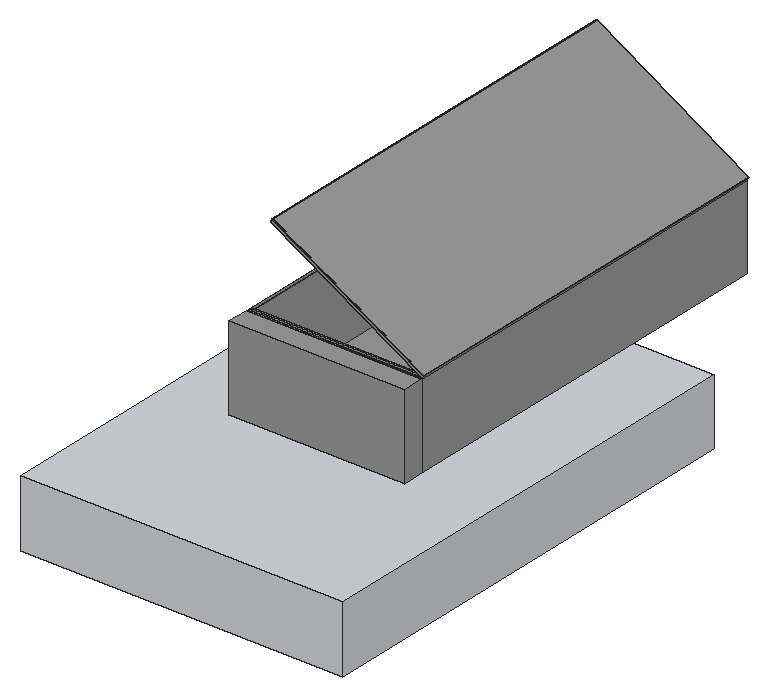
Revit family "Hager-Univers-IP55-D400-H1950-Cl.I-Steel_encl-PT-pt", category Equipement électrique, Revit 2020
Family settings
  Hôte = Face
  Configuration du panneau = Deux colonnes, circuits au sein
  Cote de connecteur circulaire = Utiliser le diamètre
  Type d'élément = Tableau de raccordement
  Couper avec des vides une fois chargée = Non
  Partagée = Non
  Point de calcul de pièce = Non
Parameters (values of type "Instalação de piso IP55 L800 A1950 P400  - FR23G1")
  Width Control [instance] = if([EF000008 - Largura] > Min Width, [EF000008 - Largura], Min Width)  # 800 mm
  Commentaires du type = [HG000003 - Gama]  # "Univers"
  Thickness Door [instance] = if([EF009171 - Espessura do material da porta/tampa] > 3 mm, 3 mm, [EF009171 - Espessura do material da porta/tampa])  # 1.5 mm
  Seal Frame Offset [instance] = 17 mm  # constant formula
  Plinth Visibility [instance] = [HG000027 - Altura da Plinta] > 0 mm  # yes
  Model = ""
  Min Width [instance] = 100 mm  # constant formula
  Min Height [instance] = 100 mm  # constant formula
  Min Depth [instance] = (2 * [EF009170 - Espessura do material do invólucro]) + 1 mm  # 4 mm
  Internal Frame Depth [instance] = (Door System Depth * 0.5)  # 9 mm
  Height Control [instance] = if([EF000040 - Altura] > Min Height, [EF000040 - Altura], Min Height)  # 1950 mm
  HG000027 - Altura da Plinta = 100 mm
  HG000026 - Instalação no chão = yes
  HG000024 - Altura da secção inferior = 800 mm
  HG000023 - Recinto de secção dupla = no
  HG000016 - Visibilidade da porta 3D [instance] = yes
  HG000015 - Visibilidade através da porta [instance] = no
  HG000014 - Porta à direita [instance] = yes
  HG000013 - Porta à esquerda [instance] = not([HG000014 - Porta à direita])  # no
  HG000012 - Ângulo de abertura de porta [instance] = 30.00°
  HG000010 - Portas assimétricas = no
  HG000009 - Porta dupla = no
  HG000006 - Encastrado = no
  HG000004 - Referência do Fabricante = "FR23G1"
  HG000003 - Gama = "Univers"
  HG000002 - Com porta ou tampa = yes
  Frame Offset Bottom [instance] = 10 mm  # constant formula
  Frame Offset [instance] = 15 mm  # constant formula
  EF015940 - Tampa com libertação de sobrepressão = no
  EF011959 - Grau de proteção (NEMA) = ""
  EF009554 - Número de aberturas para placas de flange = 6
  Fabricant = "Hager"  # constant formula
  EF009212 - Tipo de tampa = "EV000116 - Fechado"
  EF009171 - Espessura do material da porta/tampa = 1.5 mm
  EF009170 - Espessura do material do invólucro = 1.5 mm
  EF008873 - Corrente nominal (In) = 800 A
  EF007800 - Adequado para proteção contra raios = no
  EF006306 - Com fecho = no
  EF006244 - Tampa/porta transparente = no
  EF005474 - Grau de proteção (IP) = "EV006420 - IP55"
  EF004464 - Tipo de porta = "EV002646 - Único"
  EF004427 - Número de módulos = 432
  EF004293 - Força de impacto = "EV008784 - IK10"
  EF003532 - Adequado para uso no exterior = no
  EF002950 - Largura em número de módulos = 24
  EF001613 - Integridade do circuito = "EV000494 - Nenhum"
  EF001596 - Material do corpo = "EV000179 - Aço"
  EF001131 - Profundidade interior = 400 mm
  EF001088 - Extensão possível = yes
  EF000437 - Número de entradas de condutores = 6
  EF000339 - Tipo de difusor = "EV004216 - Porta"
  EF000266 - Número de linhas = 12
  EF000218 - Profundidade incorporada = 0 mm
  EF000118 - Com tampa de montagem = no
  EF000116 - Número RAL = "7035"
  EF000049 - Profundidade = 400 mm
  EF000040 - Altura = 1950 mm
  EF000008 - Largura = 800 mm
  EF000007 - Cor = "EV000270 - Cinzento"
  EF000003 - Método de montagem = "EV012274 - Instalação de piso"
  Door System Leaf Tolerance [instance] = 1.5 mm  # constant formula
  Door System Depth [instance] = 18 mm  # constant formula
  Door Height [instance] = Height Control - [HG000027 - Altura da Plinta]  # 1850 mm
  Depth Control [instance] = if([EF000049 - Profundidade] > Min Depth, [EF000049 - Profundidade], Min Depth)  # 400 mm
  Default Elevation = 0 mm
  Connector Offset [instance] = Height Control / 2  # 975 mm
  Bottom Top Plate Trim [instance] = 1.5 mm  # constant formula
  Plinth height Ctrl [instance] = if([HG000027 - Altura da Plinta] > 0 mm, [HG000027 - Altura da Plinta], 12 mm)  # 100 mm
Types (4, lengths in mm): name | Width Control | HG000010 - Portas assimétricas | HG000009 - Porta dupla | HG000004 - Referência do Fabricante | EF009554 - Número de aberturas para placas de flange | EF004464 - Tipo de porta | EF004427 - Número de módulos | EF000437 - Número de entradas de condutores | EF000008 - Largura
  Instalação de piso IP55 L1050 A1950 P400  - FR24G1 | 1050 | yes | yes | "FR24G1" | 8 | "EV003602 - Duplo" | 576 | 8 | 1050
  Instalação de piso IP55 L1300 A1950 P400  - FR25G1 | 1300 | yes | yes | "FR25G1" | 10 | "EV003602 - Duplo" | 720 | 10 | 1300
  Instalação de piso IP55 L1550 A1950 P400  - FR26G1 | 1550 | yes | yes | "FR26G1" | 12 | "EV003602 - Duplo" | 864 | 12 | 1550
  Instalação de piso IP55 L800 A1950 P400  - FR23G1 | 800 | no | no | "FR23G1" | 6 | "EV002646 - Único" | 432 | 6 | 800
Reference planes
  plane 1 "Center (Front/Back)": y = 0
  plane 2: z = 0
  plane 3 "Center (Left/Right)": x = 0
  plane 4: z = 400
  plane 5: y = 101.5
  plane 6: y = 1025
  plane 7: y = 100
  plane 8: y = 1950
  plane 9: z = 0
  plane 10: x = -385
  plane 11: x = 385
  plane 12: x = 383.5
  plane 13: x = -383.5
  plane 14: y = 1948.5
  plane 15: x = -383
  plane 16: x = -400
  plane 17: x = 383
  plane 18: x = 400
  plane 19: x = 398.5
  plane 20: x = -398.5
  plane 21: y = 111.5
  plane 22: y = 1950
  plane 23: y = 1933.5
  plane 24: z = 382
  plane 25: z = 1.5
  plane 26: z = 380.5
  plane 27: z = 398.5
Forms (mm)
  Extrusion 1, solid
    sketch origin (0, 0, 0) x (1, 0, 0) y (0, 1, 0)
      loop
        line (-702.964, 1305) -> (-702.964, -811.445) -> (766.763, -811.445) -> (766.763, 1305) -> (-702.964, 1305)
    from 0 to -304.8
  Extrusion 2, solid, material "Hager_Steel_RAL7035_Light_Grey", visible <- "Plinth Visibility", detail levels medium+fine
    sketch origin (0, 0, 0) x (1, 0, 0) y (0, 1, 0)
      loop
        line (-400, 0) -> (400, 0) -> (400, 100) -> (-400, 100) -> (-400, 0)
    from 0 to 382
  Extrusion 3, solid, material "Hager_Steel_RAL7035_Light_Grey", detail levels medium+fine
    sketch origin (0, 0, 0) x (1, 0, 0) y (0, 1, 0)
      loop
        line (-400, 100) -> (400, 100) -> (400, 1950) -> (-400, 1950) -> (-400, 100)
    from 0 to 382
  Extrusion 4, void
    sketch origin (0, 0, 0) x (1, 0, 0) y (0, 1, 0)
      loop
        line (-398.5, 101.5) -> (398.5, 101.5) -> (398.5, 1948.5) -> (-398.5, 1948.5) -> (-398.5, 101.5)
    from 1.5 to 380.5
  Extrusion 5, void
    sketch origin (-381.607, -4572, 382) x (0, -1, 0) y (-1, 0, 0)
      loop
        line (-4683.5, 1.893) -> (-6505.5, 1.893) -> (-6505.5, -765.107) -> (-4683.5, -765.107) -> (-4683.5, 1.893)
    from 0 to 1.5 <- "EF009170 - Espessura do material do invólucro"
  Extrusion 6, solid, material "Hager_Steel_RAL7035_Light_Grey", detail levels fine
    sketch origin (0, 0, 382) x (1, 0, 0) y (0, 1, 0)
      loop
        line (-383.5, 1933.5) -> (-383.5, 111.5) -> (383.5, 111.5) -> (383.5, 1933.5) -> (-383.5, 1933.5)
      loop
        line (-385, 110) -> (385, 110) -> (385, 1935) -> (-385, 1935) -> (-385, 110)
    from 0 to 9 <- "Internal Frame Depth"
  Extrusion 7, solid, material "Hager_Steel_RAL7035_Light_Grey", detail levels coarse
    sketch origin (0, 0, 0) x (1, 0, 0) y (0, 1, 0)
      loop
        line (-400, 0) -> (400, 0) -> (400, 1950) -> (-400, 1950) -> (-400, 0)
    from 0 to 400
  Sweep 8, void
    path in 3D
      loop
        line (-400, 100, 0) -> (400, 100, 0) -> (400, 100, 382) -> (-400, 100, 382) -> (-400, 100, 0)
    profile origin (-400, 100, 191) x (-1, 0, 0) y (0, -1, 0)
      loop
        line (0, 0) -> (0, 1.5) -> (-1.5, 1.5)
        arc (-1.5, 1.5) -> (-1.061, 0.439) -> (0, 0) r 1.5
Cuts and joins
  Extrusion 4, Extrusion 5 cuts Extrusion 3
  Sweep 8 cuts Extrusion 2
Lines and regions (mm)
  Masking region 1
    outline origin (0, 0, 0) x (1, 0, 0) y (0, 0, 1)
      loop
        line (-400, 400) -> (-400, 0) -> (400, 0) -> (400, 400) -> (-400, 400)
  Masking region 2, detail levels medium+fine
    outline origin (0, 140, 0) x (0, 1, 0) y (0, 0, 1)
      loop
        line (-40, 0) -> (1810, 0) -> (1810, 382) -> (-40, 382) -> (-40, 0)
  Masking region 3, not visible, detail levels medium+fine
    outline origin (0, 297.922, 0) x (0, 1, 0) y (0, 0, 1)
      loop
        line (738.578, 0) -> (778.578, 0) -> (778.578, 388.5)
        arc (778.578, 388.5) -> (775.649, 395.571) -> (768.578, 398.5) r 10
        line (768.578, 398.5) -> (738.578, 398.5) -> (738.578, 0)
  Masking region 4, detail levels coarse
    outline origin (0, 0, 180) x (0, 1, 0) y (0, 0, 1)
      loop
        line (0, -180) -> (1950, -180) -> (1950, 220) -> (0, 220) -> (0, -180)
  Masking region 5, visible <- "Plinth Visibility", detail levels medium+fine
    outline origin (0, 52.24, 12.345) x (0, 0, -1) y (0, 1, 0)
      loop
        line (10.845, 47.76) -> (-368.155, 47.76)
        arc (-368.155, 47.76) -> (-368.594, 46.699) -> (-369.655, 46.26) r 1.5
        line (-369.655, 46.26) -> (-369.655, -52.24) -> (12.345, -52.24) -> (12.345, 46.26)
        arc (12.345, 46.26) -> (11.285, 46.699) -> (10.845, 47.76) r 1.5
  Masking region 6, detail levels medium+fine
    outline origin (-381.607, -4572, 382) x (-1, 0, 0) y (0, -1, 0)
      loop
        line (18.393, -6522) -> (18.393, -4672) -> (-781.607, -4672) -> (-781.607, -6522) -> (18.393, -6522)
  Masking region 7, visible <- "Plinth Visibility", detail levels medium+fine
    outline origin (-381.607, -4727, 382) x (-1, 0, 0) y (0, -1, 0)
      loop
        arc (16.893, -4827) -> (17.332, -4825.939) -> (18.393, -4825.5) r 1.5
        line (18.393, -4825.5) -> (18.393, -4727) -> (-781.607, -4727) -> (-781.607, -4825.5)
        arc (-781.607, -4825.5) -> (-780.546, -4825.939) -> (-780.107, -4827) r 1.5
        line (-780.107, -4827) -> (16.893, -4827)
  Masking region 8, detail levels coarse
    outline origin (-442.548, -4669.526, 382) x (-1, 0, 0) y (0, -1, 0)
      loop
        line (-42.548, -6619.526) -> (-42.548, -4669.526) -> (-842.548, -4669.526) -> (-842.548, -6619.526) -> (-42.548, -6619.526)
  sketch lines
    curve 1: line (-400, 100, 382) -> (-400, 100, 0)
    curve 2: line (400, 100, 382) -> (-400, 100, 382)
    curve 3: line (400, 100, 382) -> (400, 100, 0)
    curve 4: line (-400, 100, 0) -> (400, 100, 0)
Dimensions and locks
  "Depth Control": plane 4 to Extrusion 1
  "HG000027 - Altura da Plinta": plane 1 "Center (Front/Back)" to plane 7
  "EF009170 - Espessura do material do invólucro": plane 5 to plane 7
  locked: connector elem to plane 3 "Center (Left/Right)"
  equal spacing: plane 8, plane 6, plane 7
  locked: connector elem to plane 6
  "EF009170 - Espessura do material do invólucro": plane 8 to plane 14
  "EF009170 - Espessura do material do invólucro": plane 10 to plane 13
  "EF009170 - Espessura do material do invólucro": plane 12 to plane 11
  "Frame Offset": plane 20 to plane 13
  "Frame Offset": plane 12 to plane 19
  "EF009170 - Espessura do material do invólucro": plane 16 to plane 20
  "EF009170 - Espessura do material do invólucro": plane 19 to plane 18
  "Seal Frame Offset": plane 16 to plane 15
  "Seal Frame Offset": plane 17 to plane 18
  "Frame Offset Bottom": plane 21 to plane 5
  "Frame Offset": plane 14 to plane 23
  equal spacing: plane 16, plane 3 "Center (Left/Right)", plane 18
  "Width Control": plane 16 to plane 18
  "EF009170 - Espessura do material do invólucro": plane 4 to plane 27
  "EF009170 - Espessura do material do invólucro": plane 24 to plane 26
  "EF009170 - Espessura do material do invólucro": plane 25 to level
  "Door System Depth": plane 4 to plane 24
  "Height Control": plane 1 "Center (Front/Back)" to Extrusion 7 sketch curve
  "Height Control": Masking region 4 sketch curve to plane 1 "Center (Front/Back)"
  "Height Control": plane 1 "Center (Front/Back)" to plane 22
  "Bottom Top Plate Trim": profile plane to Sweep 8 sketch curve
  "Bottom Top Plate Trim": Sweep 8 sketch curve to profile plane
  "Plinth height Ctrl": plane 1 "Center (Front/Back)" to Extrusion 2 sketch curve
  "Plinth height Ctrl": Masking region 5 sketch curve to plane 1 "Center (Front/Back)"
  "Plinth height Ctrl": plane 1 "Center (Front/Back)" to Masking region 7 sketch curve
  "Thickness Door": Extrusion 6 sketch curve to Extrusion 6 sketch curve  (x3)
  "Thickness Door": cut or joined group of Extrusion 3, Extrusion 4, Extrusion 5 to Extrusion 6 sketch curve
  radius of Masking region 3 sketch curve = 10 mm
  "Bottom Top Plate Trim": radius of Masking region 5 sketch curve  (x2)
  "Bottom Top Plate Trim": radius of Sweep 8 sketch curve
  "Bottom Top Plate Trim": radius of Masking region 7 sketch curve  (x2)
  aligned and locked: plane 2 to Extrusion 1
  aligned and locked: level to Extrusion 1
  aligned and locked: level to Masking region 1 sketch curve
  aligned and locked: Masking region 1 sketch curve to plane 18
  aligned and locked: Masking region 1 sketch curve to plane 16
  aligned and locked: plane 7 to Masking region 2 sketch curve
  aligned and locked: level to Masking region 3 sketch curve
  aligned and locked: Masking region 3 sketch curve to plane 27
  aligned and locked: level to Masking region 2 sketch curve
  aligned and locked: plane 1 "Center (Front/Back)" to Extrusion 2 sketch curve
  aligned and locked: Extrusion 3 sketch curve to plane 7
  aligned and locked: plane 16 to Extrusion 3 sketch curve
  aligned and locked: plane 18 to Extrusion 3 sketch curve
  aligned and locked: plane 20 to Extrusion 4 sketch curve
  aligned and locked: plane 19 to Extrusion 4 sketch curve
  aligned and locked: Extrusion 4 sketch curve to plane 5
  aligned and locked: Extrusion 4 to plane 25
  aligned and locked: plane 26 to Extrusion 4
  aligned and locked: plane 24 to Extrusion 3
  aligned and locked: Extrusion 5 sketch curve to plane 21
  aligned and locked: Extrusion 5 sketch curve to plane 13
  aligned and locked: Extrusion 5 sketch curve to plane 12
  aligned and locked: plane 18 to Extrusion 7 sketch curve
  aligned and locked: plane 1 "Center (Front/Back)" to Extrusion 7 sketch curve
  aligned and locked: plane 16 to Extrusion 7 sketch curve
  aligned and locked: plane 4 to Extrusion 7
  aligned and locked: Extrusion 7 to level
  aligned and locked: level to Masking region 4 sketch curve
  aligned and locked: Masking region 4 sketch curve to plane 1 "Center (Front/Back)"
  aligned and locked: Masking region 4 sketch curve to plane 4
  aligned and locked: nested 1 to level
  aligned and locked: nested 1 to plane 16
  aligned and locked: plane 8 to Extrusion 3 sketch curve
  aligned and locked: plane 23 to Extrusion 5 sketch curve
  aligned and locked: plane 14 to Extrusion 4 sketch curve
  aligned and locked: Masking region 2 sketch curve to plane 8
  aligned and locked: level to Masking region 5 sketch curve
  aligned and locked: plane 16 to Extrusion 2 sketch curve
  aligned and locked: plane 18 to Extrusion 2 sketch curve
  aligned and locked: Masking region 5 sketch curve to plane 24
  aligned and locked: Masking region 2 sketch curve to plane 24
  aligned and locked: plane 24 to Extrusion 2
  aligned and locked: profile plane to Sweep 8 sketch curve  (x2)
  aligned and locked: Masking region 6 sketch curve to plane 18
  aligned and locked: Masking region 6 sketch curve to plane 22
  aligned and locked: Masking region 6 sketch curve to plane 16
  aligned and locked: plane 8 to plane 22
  aligned and locked: Masking region 6 sketch curve to plane 7
  aligned and locked: Masking region 7 sketch curve to plane 16
  aligned and locked: Masking region 7 sketch curve to plane 1 "Center (Front/Back)"
  aligned and locked: Masking region 7 sketch curve to plane 18
  aligned and locked: Masking region 8 sketch curve to plane 1 "Center (Front/Back)"
  aligned and locked: Masking region 8 sketch curve to plane 18
  aligned and locked: Masking region 8 sketch curve to plane 22
  aligned and locked: Masking region 8 sketch curve to plane 16
  aligned and locked: nested 2 to plane 7
  aligned and locked: plane 3 "Center (Left/Right)" to nested 2
  aligned and locked: nested 2 to plane 24
  aligned and locked: Extrusion 6 sketch curve to cut or joined group of Extrusion 3, Extrusion 4, Extrusion 5  (x4)
Automatic sketch dimensions
  Extrusion 1 sketch curve to Extrusion 1 sketch curve = 1469.727 mm
  Extrusion 1 sketch curve to Extrusion 1 sketch curve = 2116.445 mm
  Masking region 1 sketch curve to plane 4 = 0 mm
  plane 6 to Masking region 3 sketch curve = 11.5 mm
  Masking region 3 sketch curve to Masking region 3 sketch curve = 30 mm
  Masking region 5 sketch curve to plane 1 "Center (Front/Back)" = 0 mm
Nested families
  nested 1: "Hager_Enclosure_Symbol" at (-400, 0, 0) x (1, 0, 0) z (0, -1, 0), Height <- "Depth Control", Width <- "Width Control", type "Hager_Enclosure_Symbol"
    with Width_Ctrl 800 mm, Width 800 mm, Height_Ctrl 400 mm, Height 400 mm, A_Width_Int 26.25 mm, A_Width 315 mm, A_Height_Ctrl 350 mm, A_Height 350 mm
  nested 2: "EC000058_Univers_Door" at (0, 100, 382) x (1, 0, 0) z (0, 1, 0), Leaf_Tolerance <- "Door System Leaf Tolerance", Angle <- "HG000012 - Ângulo de abertura de porta", Door_Depth <- "Door System Depth", Door_Left <- "HG000013 - Porta à esquerda", Transparent <- "EF006244 - Tampa/porta transparente", Assymetrical <- "HG000010 - Portas assimétricas", Width <- "Width Control", Clearance <- "HG000015 - Visibilidade através da porta", Double <- "HG000009 - Porta dupla", 3d_Door <- "HG000016 - Visibilidade da porta 3D", Lock_Visibility <- "EF006306 - Com fecho", Width_Ctrl <- "Width Control", Door_Right <- "HG000014 - Porta à direita", Door <- "HG000002 - Com porta ou tampa", Height <- "Door Height", Thickness <- "Thickness Door", type "EC000058_Univers_Door", detail levels medium+fine
    with min_wh 4 mm, Width_Ctrl 800 mm, Width 800 mm, Transparent no, Thickness 1.5 mm, Seal_Material Hager_Rubber, Lock_Visibility no, Lock_Material Hager_Plastic_RAL9005_Jet_Black, Leaf_Width 800 mm, Leaf_Tolerance_External_Sides 0 mm, Leaf_Tolerance 1.5 mm, Leaf_Offset 0 mm, Leaf_Height 1847 mm, Leaf_2_Width 800 mm, Leaf_2_Offset 400 mm, Leaf_1_Width 800 mm, Leaf_1_Offset 400 mm, Height_Ctrl 1850 mm, Height 1850 mm, Glass_Material Hager_Glass, Double_Clearance_Ctrl no, Double no, Door_Right_Ctrl yes, Door_Right yes, Door_Material Hager_Steel_RAL7035_Light_Grey, Door_Left_Ctrl no, Door_Left no, Door_Depth 18 mm, Door yes, Clearance_Material Hager_Clearance, Clearance_Depth 800 mm, Clearance_Ctrl no, Clearance no, Assymetrical no, Angle 30.00°, 3d_Door yes
Connectors
  electrical at (0, 1025, 0)
    settings: on plane 9, index 1, voltage 0 V, apparent load 0 VA, apparent load phase1 0 VA, apparent load phase2 0 VA, apparent load phase3 0 VA, power factor 1, load classification "Other", number of poles 1, system type 30, power factor state 1, is connector primary yes, connector utility no, sub classification motor no, connector description ""
Definition of nested family "EC000058_Univers_Door"
  Parameters (values of type "EC000058_Univers_Door")
    min_wh [instance] = (2 * Thickness) + 1 mm  # 11 mm
    Width_Ctrl [instance] = 400 mm
    Width [instance] = 500 mm
    Transparent [instance] = yes
    Thickness [instance] = 5 mm
    Seal_Material [instance] = none
    Lock_Visibility [instance] = yes
    Lock_Material [instance] = none
    Leaf_Width [instance] = if((Width_Ctrl - 2 * Leaf_Tolerance_External_Sides) > 0 mm, (Width_Ctrl - 2 * Leaf_Tolerance_External_Sides), min_wh)  # 400 mm
    Leaf_Tolerance_External_Sides [instance] = 0 mm  # constant formula
    Leaf_Tolerance [instance] = 1.5 mm
    Leaf_Offset [instance] = 0 mm  # constant formula
    Leaf_Height [instance] = if((Height_Ctrl - 2 * Leaf_Tolerance) > 0 mm, (Height_Ctrl - 2 * Leaf_Tolerance), min_wh)  # 497 mm
    Leaf_2_Width [instance] = if(and(and(Double, Assymetrical), Door_Left), (Leaf_Width / 3) - (Leaf_Tolerance / 2), if(and(and(Double, Assymetrical), Door_Right), (Leaf_Width / 3) * 2 - (Leaf_Tolerance / 2), if(and(Double, not(Assymetrical)), (Leaf_Width / 2) - Leaf_Tolerance, Leaf_Width)))  # 400 mm
    Leaf_2_Offset [instance] = if(and(Double, Assymetrical), Leaf_2_Width / 2, if(and(Double, not(Assymetrical)), Leaf_Width / 4, Leaf_Width / 2))  # 200 mm
    Leaf_1_Width [instance] = if(and(and(Double, Assymetrical), Door_Right), (Leaf_Width / 3) - (Leaf_Tolerance / 2), if(and(and(Double, Assymetrical), Door_Left), (Width / 3) * 2 - (Leaf_Tolerance / 2), if(and(Double, not(Assymetrical)), (Leaf_Width / 2) - Leaf_Tolerance, Leaf_Width)))  # 400 mm
    Leaf_1_Offset [instance] = if(and(Double, Assymetrical), Leaf_1_Width / 2, if(and(Double, not(Assymetrical)), Leaf_Width / 4, Leaf_Width / 2))  # 200 mm
    Height_Ctrl [instance] = if(Height > min_wh, Height, min_wh)  # 500 mm
    Height [instance] = 500 mm
    Glass_Material [instance] = none
    Double_Clearance_Ctrl [instance] = and(Double, Clearance)  # no
    Double [instance] = no
    Door_Right_Ctrl [instance] = and(or(Door_Right, Double), Door)  # yes
    Door_Right [instance] = yes
    Door_Material [instance] = none
    Door_Left_Ctrl [instance] = and(or(Door_Left, Double), Door)  # no
    Door_Left [instance] = no
    Door_Depth [instance] = 30 mm
    Door [instance] = yes
    Default Elevation = 1219.2 mm
    Clearance_Material [instance] = none
    Clearance_Depth [instance] = if(Leaf_1_Width > Leaf_2_Width, Leaf_1_Width, Leaf_2_Width)  # 400 mm
    Clearance_Ctrl [instance] = and(not(Double), Clearance)  # yes
    Clearance [instance] = yes
    Assymetrical [instance] = yes
    Angle [instance] = 30.00°
    3d_Door [instance] = yes
  Reference planes
    plane 1 "Center (Front/Back)": y = 0
    plane 2 "Bottom": z = 0
    plane 3 "Center (Left/Right)": x = 0
    plane 4: z = 500
    plane 5: x = -200
    plane 6: x = 200
    plane 7: z = 500
    plane 8: x = -200
    plane 9: z = 0
    plane 10: x = 200
    plane 11: y = 0
    plane 12: z = 1.5
    plane 13: x = -600
    plane 14: y = -400
    plane 15: x = 600
    plane 16: x = 0
    plane 17: x = 0
    plane 18: x = -200
    plane 19: x = 200
    plane 20: z = 498.5
  Forms (mm)
    Extrusion 1, solid, material <- "Clearance_Material", visible <- "Double_Clearance_Ctrl"
      sketch origin (1200, 0, 0) x (1, 0, 0) y (0, 0, -1)
        loop
          line (-1800, -498.5) -> (-600, -498.5) -> (-600, 0) -> (-1800, 0) -> (-1800, -498.5)
      from 0 to -400
  Dimensions and locks
    equal spacing: plane 5, plane 3 "Center (Left/Right)", plane 6
    "Width_Ctrl": plane 5 to plane 6
    "Leaf_Offset": plane 5 to plane 8
    "Leaf_Offset": plane 6 to plane 10
    "Leaf_Offset": plane 9 to level
    "Leaf_Offset": plane 4 to plane 7
    "Height_Ctrl": plane 4 to level
    "Leaf_Tolerance": plane 12 to plane 9
    locked: plane 11 to plane 1 "Center (Front/Back)"
    "Leaf_1_Offset": plane 18 to plane 16
    "Leaf_2_Offset": plane 17 to plane 19
    "Leaf_1_Width": plane 13 to plane 8
    "Leaf_2_Width": plane 10 to plane 15
    "Clearance_Depth": plane 14 to plane 1 "Center (Front/Back)"
    "Leaf_Tolerance_External_Sides": plane 8 to plane 18
    "Leaf_Tolerance_External_Sides": plane 19 to plane 10
    "Leaf_Tolerance": plane 7 to plane 20
    aligned and locked: level to plane 2 "Bottom"
    aligned and locked: nested 1 to plane 16
    aligned and locked: nested 2 to plane 17
    aligned and locked: Extrusion 1 to plane 13
    aligned and locked: plane 15 to Extrusion 1
    aligned and locked: Extrusion 1 to plane 14
    aligned and locked: plane 12 to nested 1
    aligned and locked: nested 2 to plane 12
    aligned and locked: Extrusion 1 to plane 11
    aligned and locked: plane 20 to Extrusion 1
    aligned and locked: nested 2 to plane 11
    aligned and locked: nested 1 to plane 11
  Automatic sketch dimensions
    Extrusion 1 sketch curve to level = 0 mm
    plane 5 to Extrusion 1 sketch curve = 400 mm
    plane 6 to Extrusion 1 sketch curve = 400 mm
    Extrusion 1 sketch curve to plane 4 = 1.5 mm
  Nested families
    nested 1: "EC000058_Univers_Door_Leaf" at (0, 0, 1.5), Width <- "Leaf_1_Width", visible <- "Door_Left_Ctrl", Leaf_Height <- "Leaf_Height", Angle <- "Angle", 3d_Door <- "3d_Door", Transparent <- "Transparent", Clearance Material <- "Clearance_Material", Clearance <- "Clearance_Ctrl", Door_Material <- "Door_Material", Glass_Material <- "Glass_Material", Door_Depth <- "Door_Depth", Lock_Material <- "Lock_Material", Seal_Material <- "Seal_Material", Lock_Visibility <- "Lock_Visibility", Thickness <- "Thickness", type "EC000058_Univers_Door_Leaf"
      with Width 400 mm, Transparent_Glass_Offset 30 mm, Transparent_Ctrl yes, Transparent yes, Thickness 5 mm, Standard no, Seal_Material none, Seal_D2 8 mm, Seal_D1 1 mm, Offset_Internal_Frame 10 mm, Lock_Width 20 mm, Lock_Visibility_3d yes, Lock_Visibility yes, Lock_Thickness_3 3 mm, Lock_Thickness_2 1 mm, Lock_Thickness_1 3 mm, Lock_Radius_Offset_2 16 mm, Lock_Radius_Offset_1 15 mm, Lock_Radius_2 5 mm, Lock_Radius 6 mm, Lock_Offset 5 mm, Lock_Material none, Lock_Height 80 mm, Lock_Cover_Top_Offset_2d 17 mm, Lock_Cover_Height -65 mm, Leaf_Height 497 mm, Internal_Seal_Thickness 8 mm, Internal_Seal_Depth_2 4.5 mm, Internal_Frame_Depth 25 mm, Glass_Thickness -1 mm, Glass_Offset -2 mm, Glass_Material none, Door_Material none, Door_Depth 30 mm, Clearance Material none, Clearance yes, Angle_Ctrl 30.00°, Angle 30.00°, 3d_Door yes
    nested 2: "EC000058_Univers_Door_Leaf" at (0, 0, 1.5) x (-1, 0, 0) z (0, 0, 1), Width <- "Leaf_2_Width", visible <- "Door_Right_Ctrl", Leaf_Height <- "Leaf_Height", Angle <- "Angle", 3d_Door <- "3d_Door", Transparent <- "Transparent", Clearance Material <- "Clearance_Material", Clearance <- "Clearance_Ctrl", Door_Material <- "Door_Material", Glass_Material <- "Glass_Material", Door_Depth <- "Door_Depth", Lock_Material <- "Lock_Material", Seal_Material <- "Seal_Material", Lock_Visibility <- "Lock_Visibility", Thickness <- "Thickness", type "EC000058_Univers_Door_Leaf"
      with Width 400 mm, Transparent_Glass_Offset 30 mm, Transparent_Ctrl yes, Transparent yes, Thickness 5 mm, Standard no, Seal_Material none, Seal_D2 8 mm, Seal_D1 1 mm, Offset_Internal_Frame 10 mm, Lock_Width 20 mm, Lock_Visibility_3d yes, Lock_Visibility yes, Lock_Thickness_3 3 mm, Lock_Thickness_2 1 mm, Lock_Thickness_1 3 mm, Lock_Radius_Offset_2 16 mm, Lock_Radius_Offset_1 15 mm, Lock_Radius_2 5 mm, Lock_Radius 6 mm, Lock_Offset 5 mm, Lock_Material none, Lock_Height 80 mm, Lock_Cover_Top_Offset_2d 17 mm, Lock_Cover_Height -65 mm, Leaf_Height 497 mm, Internal_Seal_Thickness 8 mm, Internal_Seal_Depth_2 4.5 mm, Internal_Frame_Depth 25 mm, Glass_Thickness -1 mm, Glass_Offset -2 mm, Glass_Material none, Door_Material none, Door_Depth 30 mm, Clearance Material none, Clearance yes, Angle_Ctrl 30.00°, Angle 30.00°, 3d_Door yes
  Definition of nested family "EC000058_Univers_Door_Leaf"
    Parameters (values of type "EC000058_Univers_Door_Leaf")
      Width [instance] = 2000 mm
      Transparent_Glass_Offset [instance] = 30 mm
      Transparent_Ctrl [instance] = and(Transparent, [3d_Door])  # yes
      Transparent [instance] = yes
      Thickness [instance] = 5 mm
      Standard [instance] = and(not(Transparent), [3d_Door])  # no
      Seal_Material [instance] = none
      Seal_D2 [instance] = 8 mm  # constant formula
      Seal_D1 [instance] = 1 mm  # constant formula
      Offset_Internal_Frame [instance] = 10 mm  # constant formula
      Lock_Width [instance] = 20 mm  # constant formula
      Lock_Visibility_3d [instance] = and(Lock_Visibility, [3d_Door])  # yes
      Lock_Visibility [instance] = yes
      Lock_Thickness_3 [instance] = 3 mm  # constant formula
      Lock_Thickness_2 [instance] = 1 mm  # constant formula
      Lock_Thickness_1 [instance] = 3 mm  # constant formula
      Lock_Radius_Offset_2 [instance] = Lock_Radius_Offset_1 + 1 mm  # 16 mm
      Lock_Radius_Offset_1 [instance] = 15 mm  # constant formula
      Lock_Radius_2 [instance] = Lock_Radius - 1 mm  # 5 mm
      Lock_Radius [instance] = 6 mm  # constant formula
      Lock_Offset [instance] = 5 mm  # constant formula
      Lock_Material [instance] = none
      Lock_Height [instance] = 80 mm  # constant formula
      Lock_Cover_Top_Offset_2d [instance] = Lock_Radius_Offset_2 + 1 mm  # 17 mm
      Lock_Cover_Height [instance] = -(Lock_Height - Lock_Radius_Offset_1)  # -65 mm
      Leaf_Height [instance] = 2720.336 mm
      Internal_Seal_Thickness [instance] = 8 mm  # constant formula
      Internal_Seal_Depth_2 [instance] = 4.5 mm  # constant formula
      Internal_Frame_Depth [instance] = if(Door_Depth - Thickness > 5 mm, Door_Depth - Thickness, 5 mm)  # 25 mm
      Glass_Thickness [instance] = if(Thickness > 15 mm, Glass_Offset + 10 mm, -1 mm)  # -1 mm
      Glass_Offset [instance] = if(Thickness > 15 mm, -(Thickness + 10 mm) / 2, -2 mm)  # -2 mm
      Glass_Material [instance] = none
      Door_Material [instance] = none
      Door_Depth [instance] = 30 mm
      Default Elevation = 0 mm
      Clearance Material [instance] = none
      Clearance [instance] = yes
      Angle_Ctrl [instance] = if(Angle > 180.00°, 180.00°, Angle)  # 90.00°
      Angle [instance] = 90.00°
      3d_Door [instance] = yes
    Reference planes
      plane 1 "Center (Front/Back)": y = 0
      plane 2: z = 0
      plane 3 "Center (Left/Right)": x = 0
      plane 4: y = 2000
      plane 5: x = -1000
      plane 6: x = 1000
      plane 7: x = -3000
      plane 8: z = 2720.336
      plane 9: z = 30
      plane 10: z = 2690.336
      plane 11: x = 970
      plane 12: x = -970
      plane 13: y = -3
      plane 14: z = 107.833
      plane 15: y = -5
      plane 16: y = -223.314
      plane 17: x = -1000
      plane 18: z = 1360.168
      plane 19: y = 30
    Forms (mm)
      Extrusion 1, solid, material <- "Clearance Material", visible <- "Clearance"
        sketch origin (0, 0, 0) x (1, 0, 0) y (0, 0, 1)
          loop
            line (-3000, 2720.336) -> (-3000, 0) -> (1000, 0) -> (1000, 2720.336) -> (-3000, 2720.336)
        from 0 to -2000
      Extrusion 2, solid, material <- "Door_Material", visible <- "Standard", detail levels medium+fine
        sketch origin (-1000, 0, 0) x (0, 1, 0) y (-1, 0, 0)
          loop
            line (0, 30) -> (0, 25) -> (2000, 25) -> (2000, 30) -> (0, 30)
        from 0 to 2720.336 <- "Leaf_Height"
      Extrusion 3, solid, material <- "Door_Material", visible <- "Transparent_Ctrl", detail levels medium+fine
        sketch origin (-1000, 0, 0) x (0, 1, 0) y (-1, 0, 0)
          loop
            line (0, 25) -> (2000, 25) -> (2000, 30) -> (0, 30) -> (0, 25)
        from 0 to 2720.336 <- "Leaf_Height"
      Extrusion 4, void
        sketch origin (-1025, 2000, 0) x (0, 1, 0) y (0, 0, -1)
          loop
            line (-30, -2690.336) -> (-30, -30) -> (-1970, -30) -> (-1970, -2690.336) -> (-30, -2690.336)
        from 0 to 5 <- "Thickness"
      Sweep 5, solid, material <- "Seal_Material", visible <- "Transparent_Ctrl", detail levels fine
        path in 3D
          loop
            line (-1025, 30, 30) -> (-1025, 30, 2690.336) -> (-1025, 1970, 2690.336) -> (-1025, 1970, 30) -> (-1025, 30, 30)
        profile origin (-1025, 1000, 30) x (1, 0, 0) y (0, 0, 1)
          loop
            line (0, 0) -> (0, -8) -> (1, -8) -> (1, 0) -> (0, 0)
      Extrusion 6, solid, material <- "Glass_Material", visible <- "Transparent_Ctrl", detail levels medium+fine
        sketch origin (-1030, 0, 0) x (0, 1, 0) y (0, 0, -1)
          loop
            line (1970, -2690.336) -> (1970, -30) -> (30, -30) -> (30, -2690.336) -> (1970, -2690.336)
        from -2 <- "Glass_Offset" to -1 <- "Glass_Thickness"
      Extrusion 7, solid, material <- "Door_Material", visible <- "3d_Door", detail levels medium+fine
        sketch origin (-1025, 2000, 0) x (0, -1, 0) y (0, 0, -1)
          loop
            line (0, -2720.336) -> (2000, -2720.336) -> (2000, 0) -> (0, 0) -> (0, -2720.336)
          loop
            line (1995, -5) -> (5, -5) -> (5, -2715.336) -> (1995, -2715.336) -> (1995, -5)
        from 0 to 25 <- "Internal_Frame_Depth"
      Sweep 8, solid, material <- "Seal_Material", visible <- "Transparent_Ctrl", detail levels fine
        path in 3D
          loop
            line (-1025, 0, 0) -> (-1025, 2000, 0) -> (-1025, 2000, 2720.336) -> (-1025, 0, 2720.336) -> (-1025, 0, 0)
        profile origin (-1025, 0, 1360.168) x (1, 0, 0) y (0, 1, 0)
          loop
            line (0, 10) -> (2.975, 10)
            arc (2.975, 10) -> (4.053, 10.447) -> (4.5, 11.525) r 1.525
            line (4.5, 11.525) -> (4.5, 16.527)
            arc (4.5, 16.527) -> (4.069, 17.569) -> (3.027, 18) r 1.473
            line (3.027, 18) -> (0, 18) -> (0, 10)
      Extrusion 9, solid, material <- "Lock_Material", visible <- "Lock_Visibility_3d", detail levels fine
        sketch origin (-1030, 0, 0) x (0, 1, 0) y (0, 0, -1)
          loop
            arc (1993.5, -1400.168) -> (1994.561, -1399.729) -> (1995, -1398.668) r 1.5
            line (1995, -1398.668) -> (1995, -1320.168) -> (1975, -1320.168) -> (1975, -1398.668)
            arc (1975, -1398.668) -> (1975.439, -1399.729) -> (1976.5, -1400.168) r 1.5
            line (1976.5, -1400.168) -> (1993.5, -1400.168)
        from 3 <- "Lock_Thickness_1" to 0
      Blend 10, solid, material <- "Lock_Material", visible <- "Lock_Visibility_3d", detail levels fine
        base sketch origin (-1033, 0, 0) x (0, 1, 0) y (0, 0, -1)
          loop
            line (1975, -1320.168) -> (1975, -1398.668)
            arc (1975, -1398.668) -> (1975.439, -1399.729) -> (1976.5, -1400.168) r 1.5
            line (1976.5, -1400.168) -> (1993.5, -1400.168)
            arc (1993.5, -1400.168) -> (1994.561, -1399.729) -> (1995, -1398.668) r 1.5
            line (1995, -1398.668) -> (1995, -1320.168) -> (1975, -1320.168)
        top sketch origin (-1033, 0, 0) x (0, 1, 0) y (0, 0, -1)
          loop
            line (1976, -1320.168) -> (1976, -1398.668)
            arc (1976, -1398.668) -> (1976.146, -1399.022) -> (1976.5, -1399.168) r 0.5
            line (1976.5, -1399.168) -> (1993.5, -1399.168)
            arc (1993.5, -1399.168) -> (1993.854, -1399.022) -> (1994, -1398.668) r 0.5
            line (1994, -1398.668) -> (1994, -1320.168) -> (1976, -1320.168)
        from 0 to 1 <- "Lock_Thickness_2"
      Blend 11, solid, material <- "Lock_Material", visible <- "Lock_Visibility_3d", detail levels fine
        base sketch origin (-1034, 0, 0) x (0, 1, 0) y (0, 0, -1)
          loop
            line (1978, -1320.168) -> (1978, -1384.168)
            arc (1978, -1384.168) -> (1985, -1391.168) -> (1992, -1384.168) r 7
            line (1992, -1384.168) -> (1992, -1320.168) -> (1978, -1320.168)
        top sketch origin (-1034, 0, 0) x (0, 1, 0) y (0, 0, -1)
          loop
            line (1991, -1320.168) -> (1979, -1320.168) -> (1979, -1383.168)
            arc (1979, -1383.168) -> (1985, -1389.168) -> (1991, -1383.168) r 6
            line (1991, -1383.168) -> (1991, -1320.168)
        from 0 to 3 <- "Lock_Thickness_3"
      Extrusion 12, solid, material <- "Lock_Material", visible <- "Lock_Visibility_3d", detail levels fine
        sketch origin (-1030, 1975, 1320.168) x (1, 0, 0) y (0, -1, 0)
          loop
            line (-7, -19) -> (-7, -1) -> (0, -1) -> (0, 0) -> (-8, 0) -> (-8, -20) -> (0, -20) -> (0, -19) -> (-7, -19)
        from 0 to -65 <- "Lock_Cover_Height"
      Extrusion 13, void
        sketch origin (-1038, 1995, 1320.168) x (-1, 0, 0) y (0, 0, -1)
          loop
            line (-5, -65) -> (0, -65) -> (-5, -60) -> (-5, -65)
        from 0 to 20 <- "Lock_Width"
      Extrusion 14, void
        sketch origin (-1038, 1975, 1320.168) x (0, -1, 0) y (0, 0, -1)
          loop
            circle (-10, -15.995) r 6
          loop
            circle (-10, -15.995) r 5
        from 0 to 2
      Extrusion 15, solid, material <- "Lock_Material", visible <- "Lock_Visibility_3d", detail levels medium
        sketch origin (-1030, 0, 0) x (0, 1, 0) y (0, 0, -1)
          loop
            arc (1993.5, -1400.168) -> (1994.561, -1399.729) -> (1995, -1398.668) r 1.5
            line (1995, -1398.668) -> (1995, -1320.168) -> (1975, -1320.168) -> (1975, -1398.668)
            arc (1975, -1398.668) -> (1975.439, -1399.729) -> (1976.5, -1400.168) r 1.5
            line (1976.5, -1400.168) -> (1993.5, -1400.168)
        from 8 to 0
    Cuts and joins
      Extrusion 4 cuts Extrusion 3
      Extrusion 13, Extrusion 14 cuts Extrusion 9
      Extrusion 14 cuts Blend 11
      Extrusion 13, Extrusion 14 cuts Extrusion 12
      joined: Extrusion 9, Blend 10, Blend 11, Extrusion 12
      Extrusion 14 cuts Extrusion 15
    Lines and regions (mm)
      Masking region 1, visible <- "Lock_Visibility", detail levels fine
        outline origin (0, 0, 0) x (0, 1, 0) y (0, 0, 1)
          loop
            line (30, 1320.168) -> (33, 1320.168) -> (33, 1400.168) -> (30, 1400.168) -> (30, 1320.168)
      Masking region 2, visible <- "Lock_Visibility", detail levels fine
        outline origin (0, 3.143, 0) x (0, 1, 0) y (0, 0, 1)
          loop
            line (29.857, 1354.168) -> (30.857, 1354.168) -> (30.857, 1366.168) -> (29.857, 1366.168) -> (29.857, 1354.168)
      Masking region 3, detail levels medium+fine
        outline origin (0, 0, 0) x (0, 1, 0) y (0, 0, 1)
          loop
            line (0, 0) -> (30, 0) -> (30, 2720.336) -> (0, 2720.336) -> (0, 0)
      Masking region 4, detail levels medium+fine
        outline origin (0, 0, 0) x (1, 0, 0) y (0, 0, 1)
          loop
            line (-1000, 2720.336) -> (-1000, 0) -> (1000, 0) -> (1000, 2720.336) -> (-1000, 2720.336)
      Masking region 5, visible <- "Lock_Visibility", detail levels fine
        outline origin (-47.116, 0, 0) x (1, 0, 0) y (0, 0, 1)
          loop
            arc (1024.616, 1399.168) -> (1023.556, 1398.729) -> (1023.116, 1397.668) r 1.5
            line (1023.116, 1397.668) -> (1023.116, 1320.168) -> (1041.116, 1320.168) -> (1041.116, 1397.668)
            arc (1041.116, 1397.668) -> (1040.677, 1398.729) -> (1039.616, 1399.168) r 1.5
            line (1039.616, 1399.168) -> (1024.616, 1399.168)
      Masking region 6, visible <- "Lock_Visibility", detail levels medium+fine
        outline origin (-25, 0, 0) x (1, 0, 0) y (0, 0, 1)
          loop
            arc (1001.5, 1400.168) -> (1000.439, 1399.729) -> (1000, 1398.668) r 1.5
            line (1000, 1398.668) -> (1000, 1320.168) -> (1020, 1320.168) -> (1020, 1398.668)
            arc (1020, 1398.668) -> (1019.561, 1399.729) -> (1018.5, 1400.168) r 1.5
            line (1018.5, 1400.168) -> (1001.5, 1400.168)
      Masking region 7, visible <- "Lock_Visibility", detail levels fine
        outline origin (-73.735, 0, 0) x (1, 0, 0) y (0, 0, 1)
          loop
            line (1051.735, 1382.168) -> (1065.735, 1382.168) -> (1065.735, 1384.168)
            arc (1065.735, 1384.168) -> (1058.735, 1391.168) -> (1051.735, 1384.168) r 7
            line (1051.735, 1384.168) -> (1051.735, 1382.168)
      Masking region 8, visible <- "Lock_Visibility", detail levels fine
        outline origin (-73.735, 0, 0) x (1, 0, 0) y (0, 0, 1)
          loop
            line (1052.735, 1382.168) -> (1064.735, 1382.168) -> (1064.735, 1383.168)
            arc (1064.735, 1383.168) -> (1058.735, 1389.168) -> (1052.735, 1383.168) r 6
            line (1052.735, 1383.168) -> (1052.735, 1382.168)
      Masking region 9, visible <- "Lock_Visibility", detail levels fine
        outline origin (-25, 0, 0) x (1, 0, 0) y (0, 0, 1)
          loop
            line (1020, 1320.168) -> (1020, 1382.168) -> (1000, 1382.168) -> (1000, 1320.168) -> (1020, 1320.168)
      Masking region 10, detail levels medium+fine
        outline origin (0, 0, 0) x (1, 0, 0) y (0, 0, 1)
          loop
            circle (985, 1335.144) r 6
      Masking region 11, detail levels fine
        outline origin (0, 0, 0) x (1, 0, 0) y (0, 0, 1)
          loop
            circle (985, 1335.144) r 5
      Masking region 12, visible <- "Lock_Visibility", detail levels fine
        outline origin (0, 12.767, 0) x (0, 1, 0) y (0, 0, 1)
          loop
            line (20.233, 1320.168) -> (21.233, 1320.168) -> (21.233, 1399.168) -> (20.233, 1400.168) -> (20.233, 1320.168)
      Masking region 13, visible <- "Lock_Visibility", detail levels fine
        outline origin (0, 13.767, -10) x (0, 1, 0) y (0, 0, 1)
          loop
            line (20.233, 1330.168) -> (23.233, 1330.168) -> (23.233, 1399.168) -> (20.233, 1402.168) -> (20.233, 1330.168)
      Masking region 14, visible <- "Lock_Visibility", detail levels fine
        outline origin (0, 12.767, -10) x (0, 1, 0) y (0, 0, 1)
          loop
            line (20.233, 1330.168) -> (25.233, 1330.168) -> (25.233, 1399.305) -> (20.233, 1394.305) -> (20.233, 1330.168)
      Masking region 15, visible <- "Lock_Visibility", detail levels medium
        outline origin (0, 0, 0) x (0, 1, 0) y (0, 0, 1)
          loop
            line (30, 1320.168) -> (38, 1320.168) -> (38, 1400.168) -> (30, 1400.168) -> (30, 1320.168)
      Masking region 16, visible <- "Lock_Visibility", detail levels fine
        outline origin (-1000, 0, 0) x (0, 1, 0) y (-1, 0, 0)
          loop
            line (1975, 30) -> (1995, 30) -> (1995, 38) -> (1975, 38) -> (1975, 30)
          loop
            line (1979, 37) -> (1976, 37) -> (1976, 34) -> (1978, 34) -> (1979, 37)
          loop
            line (1994, 37) -> (1991, 37) -> (1992, 34) -> (1994, 34) -> (1994, 37)
      Masking region 17, visible <- "Lock_Visibility", detail levels medium
        outline origin (-1000, 0, 0) x (0, 1, 0) y (-1, 0, 0)
          loop
            line (1975, 30) -> (1995, 30) -> (1995, 38) -> (1975, 38) -> (1975, 30)
      symbolic lines
        curve 1: line (1000, 0, 0) -> (-3000, 0, 0)
        curve 2: arc (1000, 0, 0) -> (-1000, 2000, 0) -> (-3000, 0, 0) r 2000
        curve 4: line (-1030, 0, 0) -> (-1030, 2000, 0)
      reference lines
        curve 3: line (-1000, 0, 0) -> (-1000, 2000, 0)
      symbolic lines, detail levels medium+fine
        curve 5: line (-1030, 2000, 0) -> (-1025, 2000, 0)
        curve 7: line (-1025, 0, 0) -> (-1030, 0, 0)
        curve 8: line (-1025, 0, 0) -> (-1000, 0, 0)
        curve 9: line (-1000, 0, 0) -> (-1000, 2000, 0)
        curve 10: line (-1000, 2000, 0) -> (-1025, 2000, 0)
      symbolic lines, detail levels fine
        curve 6: line (-1025, 2000, 0) -> (-1025, 0, 0)
      sketch lines
        curve 11: line (-1025, 0, 2720.336) -> (-1025, 0, 0)
        curve 12: line (-1025, 2000, 0) -> (-1025, 0, 0)
        curve 13: line (-1025, 2000, 2720.336) -> (-1025, 2000, 0)
        curve 14: line (-1025, 0, 2720.336) -> (-1025, 2000, 2720.336)
        curve 15: line (-1025, 1970, 30) -> (-1025, 30, 30)
        curve 16: line (-1025, 30, 30) -> (-1025, 30, 2690.336)
        curve 17: line (-1025, 1970, 2690.336) -> (-1025, 1970, 30)
        curve 18: line (-1025, 30, 2690.336) -> (-1025, 1970, 2690.336)
      symbolic lines, visible <- "Transparent", detail levels medium+fine
        curve 19: line (-970, 0, 2690.336) -> (970, 0, 2690.336)
        curve 20: line (-970, 0, 30) -> (-970, 0, 2690.336)
        curve 21: line (970, 0, 30) -> (-970, 0, 30)
        curve 22: line (970, 0, 2690.336) -> (970, 0, 30)
    Dimensions and locks
      "Width": plane 1 "Center (Front/Back)" to plane 4
      equal spacing: plane 5, plane 3 "Center (Left/Right)", plane 6
      "Width": plane 5 to plane 6
      "Width": plane 7 to plane 5
      "Leaf_Height": plane 8 to level
      "Width": curve 5 to curve 3
      "Width": curve 3 to curve 3
      plane 8 to plane 10 = 30 mm
      plane 9 to level = 30 mm
      plane 12 to plane 5 = 30 mm
      plane 6 to plane 11 = 30 mm
      Extrusion 1 to Extrusion 4 sketch curve = 30 mm
      "Transparent_Glass_Offset": curve 3 to Extrusion 4 sketch curve
      "Transparent_Glass_Offset": Extrusion 4 sketch curve to cut or joined group of Extrusion 3, Extrusion 4  (x2)
      cut or joined group of Extrusion 3, Extrusion 4 to Extrusion 6 sketch curve = 30 mm
      "Transparent_Glass_Offset": cut or joined group of Extrusion 3, Extrusion 4 to Extrusion 4 sketch curve
      "Thickness": curve 6 to curve 4
      "Thickness": Extrusion 7 sketch curve to Extrusion 7 sketch curve  (x4)
      "Door_Depth": curve 4 to curve 3
      "Offset_Internal_Frame": profile plane to Sweep 8 sketch curve
      "Internal_Seal_Thickness": Sweep 8 sketch curve to Sweep 8 sketch curve
      "Internal_Seal_Depth_2": profile plane to Sweep 8 sketch curve
      "Seal_D1": profile plane to Sweep 5 sketch curve
      "Seal_D2": profile plane to Sweep 5 sketch curve
      "Thickness": Extrusion 2 sketch curve to Extrusion 2 sketch curve
      equal spacing: Extrusion 9 sketch curve, plane 18, Extrusion 9 sketch curve  (x2)
      equal spacing: Masking region 1 sketch curve, plane 18, Masking region 1 sketch curve
      "Lock_Height": Masking region 1 sketch curve to Masking region 1 sketch curve
      "Lock_Radius": Masking region 2 sketch curve to plane 18 to Masking region 2 sketch curve
      Masking region 2 sketch curve to Masking region 1 = 1 mm
      "Door_Depth": plane 19 to plane 1 "Center (Front/Back)"
      "Lock_Thickness_1": Masking region 1 sketch curve to plane 19
      "Lock_Width": Extrusion 9 sketch curve to Extrusion 9 sketch curve
      "Lock_Height": Extrusion 9 sketch curve to Extrusion 9 sketch curve
      "Lock_Offset": cut or joined group of Extrusion 3, Extrusion 4 to Extrusion 9 sketch curve
      equal spacing: plane 8, plane 18, level
      "Lock_Radius_Offset_1": Blend 11 sketch curve to Blend 10
      locked: Blend 10 to Blend 11 sketch curve at 2  (x2)
      locked: var sketch to Blend 11 sketch curve at 1  (x2)
      "Lock_Radius_Offset_2": Blend 11 sketch curve to Blend 10
      locked: Extrusion 12 sketch curve to Extrusion 12 sketch curve at 1  (x3)
      Masking region 6 sketch curve to Masking region 6 sketch curve = 80 mm
      "Lock_Height": Masking region 6 sketch curve to Masking region 6 sketch curve
      "Lock_Width": Masking region 6 sketch curve to Masking region 6 sketch curve
      locked: Masking region 6 to Masking region 5 sketch curve at 1  (x3)
      locked: Masking region 5 to Masking region 7 sketch curve at 2  (x2)
      "Lock_Radius_Offset_1": Masking region 5 to Masking region 7 sketch curve
      "Lock_Radius_Offset_2": Masking region 5 to Masking region 8 sketch curve
      locked: Masking region 7 to Masking region 8 sketch curve at 1  (x2)
      "Lock_Cover_Top_Offset_2d": Masking region 5 to Masking region 9 sketch curve
      equal spacing: Masking region 9, Masking region 10 sketch curve, Masking region 9
      equal spacing: Masking region 9, Masking region 11 sketch curve, Masking region 9
      Extrusion 15 sketch curve to Extrusion 15 sketch curve = 80 mm
      "Lock_Width": Extrusion 15 sketch curve to Extrusion 15 sketch curve
      "Lock_Height": Extrusion 15 sketch curve to Extrusion 15 sketch curve
      equal spacing: Extrusion 15 sketch curve, plane 18, Extrusion 15 sketch curve
      "Lock_Thickness_3": Masking region 13 sketch curve to Masking region 13 sketch curve
      "Lock_Height": Masking region 12 sketch curve to Masking region 12 sketch curve
      locked: Masking region 13 sketch curve to Masking region 1 at 8
      locked: Masking region 14 sketch curve to Masking region 13 at 1
      locked: Masking region 14 sketch curve to Masking region 1 at 10.863
      "Lock_Height": Masking region 15 sketch curve to Masking region 15 sketch curve
      "Lock_Offset": Extrusion 15 sketch curve to cut or joined group of Extrusion 3, Extrusion 4
      "Lock_Offset": plane 6 to Masking region 6 sketch curve
      radius of Sweep 8 sketch curve = 1.525 mm
      radius of Sweep 8 sketch curve = 1.473 mm
      radius of Extrusion 9 sketch curve = 1.5 mm  (x2)
      "Lock_Radius": radius of Extrusion 14 sketch curve
      "Lock_Radius_2": radius of Extrusion 14 sketch curve
      "Lock_Radius": radius of Masking region 10 sketch curve
      "Lock_Radius_2": radius of Masking region 11 sketch curve
      radius of Extrusion 15 sketch curve = 1.5 mm  (x2)
      "Angle_Ctrl": angle plane 1 "Center (Front/Back)" to curve 3
      locked: Masking region 12 sketch curve to Masking region 12 sketch curve (angle 45.00°)
      locked: Masking region 13 sketch curve to Masking region 13 sketch curve (angle 45.00°)
      locked: Masking region 14 sketch curve to Masking region 14 sketch curve (angle 45.00°)
      aligned and locked: level to plane 2
      aligned and locked: Extrusion 1 to curve 1
      aligned and locked: plane 6 to Extrusion 1
      aligned and locked: Extrusion 1 to plane 1 "Center (Front/Back)"
      aligned and locked: plane 4 to Extrusion 1
      aligned and locked: plane 8 to Extrusion 1
      aligned and locked: curve 7 to Extrusion 2 sketch curve
      aligned and locked: curve 5 to Extrusion 2 sketch curve
      aligned and locked: curve 7 to Extrusion 3 sketch curve
      aligned and locked: Extrusion 3 sketch curve to curve 4
      aligned and locked: Extrusion 3 sketch curve to curve 6
      aligned and locked: Extrusion 3 sketch curve to curve 5
      aligned and locked: curve 9 to curve 3
      aligned and locked: Extrusion 7 sketch curve to cut or joined group of Extrusion 3, Extrusion 4  (x4)
      aligned and locked: plane 17 to curve 3
      aligned and locked: plane 1 "Center (Front/Back)" to curve 3
      aligned and locked: plane 17 to plane 5
      aligned and locked: Sweep 8 sketch curve to profile plane
      aligned and locked: Sweep 5 sketch curve to profile plane  (x2)
      aligned and locked: Masking region 1 to Masking region 2 sketch curve
      aligned and locked: plane 19 to Masking region 1 sketch curve
      aligned and locked: plane 1 "Center (Front/Back)" to Masking region 3 sketch curve
      aligned and locked: plane 19 to Masking region 3 sketch curve
      aligned and locked: level to Masking region 3 sketch curve
      aligned and locked: Masking region 3 sketch curve to plane 8
      aligned and locked: plane 17 to Masking region 4 sketch curve
      aligned and locked: level to Masking region 4 sketch curve
      aligned and locked: Masking region 4 sketch curve to plane 8
      aligned and locked: plane 12 to curve 20
      aligned and locked: plane 10 to curve 19
      aligned and locked: plane 11 to curve 22
      aligned and locked: curve 21 to plane 9
      aligned and locked: Extrusion 2 sketch curve to cut or joined group of Extrusion 3, Extrusion 4
      aligned and locked: Blend 10 sketch curve to Extrusion 9  (x4)
      aligned and locked: Extrusion 9 to Blend 10 sketch curve
      aligned and locked: Blend 10 to Blend 11 sketch curve
      aligned and locked: Extrusion 12 sketch curve to Blend 11
      aligned and locked: Extrusion 12 sketch curve to Extrusion 9  (x4)
      aligned and locked: Masking region 5 sketch curve to Masking region 6
      aligned and locked: Masking region 9 sketch curve to Masking region 6  (x3)
      aligned and locked: Masking region 12 sketch curve to Masking region 1
      aligned and locked: Masking region 13 sketch curve to Masking region 1
      aligned and locked: Masking region 12 to Masking region 14
      aligned and locked: Masking region 14 sketch curve to Masking region 1
      aligned and locked: Masking region 15 sketch curve to Masking region 14
      aligned and locked: Masking region 13 sketch curve to Masking region 12
      aligned and locked: Masking region 16 sketch curve to cut or joined group of Extrusion 14, Extrusion 15  (x4)
      aligned and locked: Masking region 16 sketch curve to cut or joined group of Extrusion 9, Blend 10, Blend 11, Extrusion 12, Extrusion 13, Extrusion 14  (x6)
      aligned and locked: cut or joined group of Extrusion 9, Blend 10, Blend 11, Extrusion 12, Extrusion 13, Extrusion 14 to Masking region 16 sketch curve
      aligned and locked: Masking region 17 sketch curve to cut or joined group of Extrusion 14, Extrusion 15  (x3)
      aligned and locked: Masking region 17 sketch curve to cut or joined group of Extrusion 9, Blend 10, Blend 11, Extrusion 12, Extrusion 13, Extrusion 14
      aligned and locked: Masking region 9 to Masking region 8 sketch curve
      aligned and locked: Masking region 9 to Masking region 7 sketch curve
    Automatic sketch dimensions
      plane 1 "Center (Front/Back)" to curve 2 = 0 mm
      curve 2 to plane 5 = 0 mm
      Extrusion 1 sketch curve to level = 0 mm
      Extrusion 1 sketch curve to plane 7 = 0 mm
      Extrusion 1 sketch curve to plane 6 = 0 mm
      Extrusion 1 sketch curve to plane 8 = 0 mm
      Extrusion 3 to Extrusion 6 sketch curve = 30 mm  (x4)
      Masking region 4 sketch curve to plane 6 = 0 mm
      Blend 10 sketch curve to Extrusion 9 = 1.5 mm
      Blend 10 sketch curve to Extrusion 9 = 1 mm
      Extrusion 13 sketch curve to Extrusion 12 = 0 mm  (x2)
      Extrusion 12 to Extrusion 13 sketch curve = 3 mm
      Extrusion 13 sketch curve to Extrusion 12 = 5 mm
      Extrusion 14 sketch curve to Extrusion 14 sketch curve = 0 mm  (x2)
      Extrusion 14 sketch curve to Extrusion 12 = 10 mm
      Extrusion 14 sketch curve to Extrusion 12 = 15.995 mm
      Masking region 5 sketch curve to Masking region 5 sketch curve = 1.5 mm  (x2)
      Masking region 10 sketch curve to plane 18 = 25.024 mm
      Masking region 11 sketch curve to plane 18 = 25.024 mm
      plane 19 to Masking region 14 sketch curve = 3 mm
      Masking region 16 sketch curve to Masking region 16 sketch curve = 3 mm
      curve 4 to curve 3 = 0 mm
      Blend 10 to Blend 11 sketch curve = 0 mm
      Masking region 6 sketch curve to Masking region 6 sketch curve = 1.5 mm  (x2)
      Masking region 6 sketch curve to plane 18 = 40 mm
      plane 19 to Masking region 12 sketch curve = 3 mm
      Masking region 12 sketch curve to Masking region 12 sketch curve = 1 mm
      Masking region 15 sketch curve to plane 19 = 0 mm
      Masking region 15 sketch curve to plane 18 = 40 mm
      radius of Blend 10 sketch curve to Extrusion 9 = 1 mm
Definition of nested family "Hager_Enclosure_Symbol"
  Parameters (values of type "Hager_Enclosure_Symbol")
    Width_Ctrl [instance] = if(Width > 1 mm, Width, 1 mm)  # 102.27 mm
    Width [instance] = 102.27 mm
    Height_Ctrl [instance] = if(Height > 1 mm, Height, 1 mm)  # 66.5 mm
    A_Width_Int [instance] = if(A_Width / 12 > 2 mm, A_Width / 12, 2 mm)  # 4.364 mm
    A_Width [instance] = if(A_Height_Ctrl * 0.9 > 2 mm, A_Height_Ctrl * 0.9, 2 mm)  # 52.369 mm
    A_Height_Ctrl [instance] = if(A_Height > 2 mm, A_Height, 2 mm)  # 58.188 mm
    Height [instance] = 66.5 mm
    A_Height [instance] = Height - (Height / 8)  # 58.188 mm
  Reference planes
    plane 1 "Centre (avant/arrière)": y = 0
    plane 2: z = 0
    plane 3 "Centre (gauche/droite)": x = 0
    plane 4: x = 52.369
    plane 5: y = 33.042
    plane 6: y = 41.77
    plane 7: y = 66.5
    plane 8: x = 26.184
    plane 9: y = 37.406
    plane 10: x = 102.27
    plane 11: y = 66.5
    plane 12: y = 8.313
  Lines and regions (mm)
    Filled region 1, type "Solid_Black", in view "Niveau de réf."
      outline origin (0, 0, 0) x (1, 0, 0) y (0, 1, 0)
        loop
          line (52.369, 66.5) -> (33.188, 54.536) -> (45.365, 45.006) -> (52.369, 66.5)
    Filled region 2, type "Solid_Black", in view "Niveau de réf."
      outline origin (0, 0, 0) x (1, 0, 0) y (0, 1, 0)
        loop
          line (0, 0) -> (102.27, 0) -> (102.27, 66.5) -> (0, 0)
    detail lines, in view "Niveau de réf."
      curve 1: line (0, 8.313, 0) -> (26.184, 41.77, 0)
      curve 2: line (26.184, 41.77, 0) -> (26.184, 33.042, 0)
      curve 3: line (26.184, 33.042, 0) -> (52.369, 66.5, 0)
  Dimensions and locks
    "A_Width": plane 3 "Centre (gauche/droite)" to plane 4
    equal spacing: plane 3 "Centre (gauche/droite)", plane 8, plane 4
    equal spacing: plane 6, plane 9, plane 5
    equal spacing: curve 3, Filled region 1 sketch curve, Filled region 1 sketch curve
    "Height_Ctrl": plane 1 "Centre (avant/arrière)" to plane 11
    "A_Height_Ctrl": plane 11 to plane 12
    equal spacing: plane 11, plane 9, plane 12
    "A_Width_Int": plane 6 to plane 9
    "Width_Ctrl": plane 3 "Centre (gauche/droite)" to plane 10
    angle Filled region 1 sketch curve to curve 3 = 20.00°
    angle curve 3 to Filled region 1 sketch curve = 20.00°
    locked: curve 3 to Filled region 1 sketch curve (angle 90.00°)
    aligned and locked: plane 10 to Filled region 2
    aligned and locked: plane 11 to Filled region 2 sketch curve
    aligned and locked: plane 10 to Filled region 2 sketch curve
    aligned and locked: plane 3 "Centre (gauche/droite)" to curve 1
    aligned and locked: plane 12 to curve 1
    aligned and locked: plane 7 to plane 11
  Automatic sketch dimensions
    Filled region 1 sketch curve to plane 4 = 0 mm
    Filled region 1 sketch curve to plane 7 = 0 mm
    plane 1 "Centre (avant/arrière)" to Filled region 2 sketch curve = 0 mm
    Filled region 2 sketch curve to plane 3 "Centre (gauche/droite)" = 0 mm
    curve 2 to plane 6 = 0 mm
    curve 2 to plane 8 = 0 mm
    curve 3 to plane 4 = 0 mm
    curve 2 to plane 5 = 0 mm
    curve 3 to plane 7 = 0 mm
